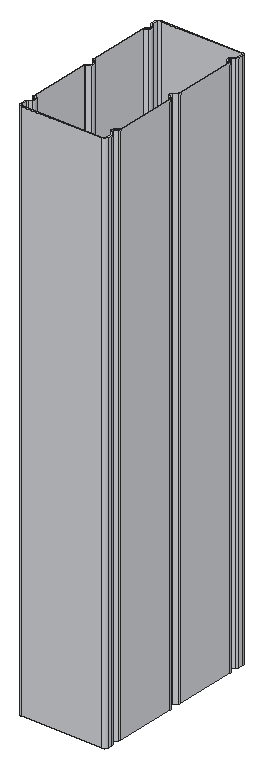
Revit family "SC_Tubest", category Structural Columns, Revit 2022
Family settings
  Section Shape = Not Defined
  Material for Model Behavior = Steel
  Always export as geometry = No
  Beam cutback in plan = From bounding box
  Cut with Voids When Loaded = No
  Symbolic Representation = From Project Settings
  Shared = No
  Show family pre-cut in plan views = Yes
Parameters (values of type "TubestGD (800x400x6x4")
  es = 4 mm
  eo = 6 mm
  Y = 670 mm
  Vis.SigmaEspecial = H < 300 mm  # no
  Vis.Sigma = not(Vis.SigmaEspecial)  # yes
  Structural Material [instance] = ASTM A36
  Rs = 8 mm
  Ro = 10 mm
  Offset_s = B / 2  # 200 mm
  Offset_o = H / 2  # 400 mm
  H = 800 mm
  Dse = 20 mm
  D_s = 25 mm
  D_o = 18 mm
  D2_s = 20 mm
  D2_o = 18 mm
  B = 400 mm
  Assembly Code = ""
  A = 89 mm
Types (264, lengths in mm): name | es | eo | Y | Vis.SigmaEspecial | Vis.Sigma | Offset_s | Offset_o | H | B
  TubestGD (800x400x6x4 | 4 | 6 | 670 | no | yes | 200 | 400 | 800 | 400
  TubestGD (800x400x6x3 | 3 | 6 | 670 | no | yes | 200 | 400 | 800 | 400
  TubestGD (800x400x5x3 | 3 | 5 | 670 | no | yes | 200 | 400 | 800 | 400
  TubestGD (800x400x4x3 | 3 | 4 | 670 | no | yes | 200 | 400 | 800 | 400
  TubestGD (800x400x3x3 | 3 | 3 | 670 | no | yes | 200 | 400 | 800 | 400
  TubestGD (800x350x6x4 | 4 | 6 | 670 | no | yes | 175 | 400 | 800 | 350
  TubestGD (800x350x6x3 | 3 | 6 | 670 | no | yes | 175 | 400 | 800 | 350
  TubestGD (800x350x5x3 | 3 | 5 | 670 | no | yes | 175 | 400 | 800 | 350
  TubestGD (800x350x4x3 | 3 | 4 | 670 | no | yes | 175 | 400 | 800 | 350
  TubestGD (800x350x3x3 | 3 | 3 | 670 | no | yes | 175 | 400 | 800 | 350
  TubestGD (800x300x6x4 | 4 | 6 | 670 | no | yes | 150 | 400 | 800 | 300
  TubestGD (800x300x6x3 | 3 | 6 | 670 | no | yes | 150 | 400 | 800 | 300
  TubestGD (800x300x5x3 | 3 | 5 | 670 | no | yes | 150 | 400 | 800 | 300
  TubestGD (800x300x4x3 | 3 | 4 | 670 | no | yes | 150 | 400 | 800 | 300
  TubestGD (800x300x3x3 | 3 | 3 | 670 | no | yes | 150 | 400 | 800 | 300
  TubestGD (800x250x6x4 | 4 | 6 | 670 | no | yes | 125 | 400 | 800 | 250
  TubestGD (800x250x6x3 | 3 | 6 | 670 | no | yes | 125 | 400 | 800 | 250
  TubestGD (800x250x5x3 | 3 | 5 | 670 | no | yes | 125 | 400 | 800 | 250
  TubestGD (800x250x4x3 | 3 | 4 | 670 | no | yes | 125 | 400 | 800 | 250
  TubestGD (800x250x3x3 | 3 | 3 | 670 | no | yes | 125 | 400 | 800 | 250
  TubestGD (800x225x6x4 | 4 | 6 | 670 | no | yes | 112.5 | 400 | 800 | 225
  TubestGD (800x225x6x3 | 3 | 6 | 670 | no | yes | 112.5 | 400 | 800 | 225
  TubestGD (800x225x5x3 | 3 | 5 | 670 | no | yes | 112.5 | 400 | 800 | 225
  TubestGD (800x225x4x3 | 3 | 4 | 670 | no | yes | 112.5 | 400 | 800 | 225
  TubestGD (800x225x3x3 | 3 | 3 | 670 | no | yes | 112.5 | 400 | 800 | 225
  TubestGD (800x200x6x4 | 4 | 6 | 670 | no | yes | 100 | 400 | 800 | 200
  TubestGD (800x200x6x3 | 3 | 6 | 670 | no | yes | 100 | 400 | 800 | 200
  TubestGD (800x200x5x3 | 3 | 5 | 670 | no | yes | 100 | 400 | 800 | 200
  TubestGD (800x200x4x3 | 3 | 4 | 670 | no | yes | 100 | 400 | 800 | 200
  TubestGD (800x200x3x3 | 3 | 3 | 670 | no | yes | 100 | 400 | 800 | 200
  TubestGD (800x150x6x4 | 4 | 6 | 670 | no | yes | 75 | 400 | 800 | 150
  TubestGD (800x150x6x3 | 3 | 6 | 670 | no | yes | 75 | 400 | 800 | 150
  TubestGD (800x150x5x3 | 3 | 5 | 670 | no | yes | 75 | 400 | 800 | 150
  TubestGD (800x150x4x3 | 3 | 4 | 670 | no | yes | 75 | 400 | 800 | 150
  TubestGD (800x150x3x3 | 3 | 3 | 670 | no | yes | 75 | 400 | 800 | 150
  TubestGD (750x400x6x4 | 4 | 6 | 620 | no | yes | 200 | 375 | 750 | 400
  TubestGD (750x400x6x3 | 3 | 6 | 620 | no | yes | 200 | 375 | 750 | 400
  TubestGD (750x400x5x3 | 3 | 5 | 620 | no | yes | 200 | 375 | 750 | 400
  TubestGD (750x400x4x3 | 3 | 4 | 620 | no | yes | 200 | 375 | 750 | 400
  TubestGD (750x400x3x3 | 3 | 3 | 620 | no | yes | 200 | 375 | 750 | 400
  TubestGD (750x350x6x4 | 4 | 6 | 620 | no | yes | 175 | 375 | 750 | 350
  TubestGD (750x350x6x3 | 3 | 6 | 620 | no | yes | 175 | 375 | 750 | 350
  TubestGD (750x350x5x3 | 3 | 5 | 620 | no | yes | 175 | 375 | 750 | 350
  TubestGD (750x350x4x3 | 3 | 4 | 620 | no | yes | 175 | 375 | 750 | 350
  TubestGD (750x350x3x3 | 3 | 3 | 620 | no | yes | 175 | 375 | 750 | 350
  TubestGD (750x300x6x4 | 4 | 6 | 620 | no | yes | 150 | 375 | 750 | 300
  TubestGD (750x300x6x3 | 3 | 6 | 620 | no | yes | 150 | 375 | 750 | 300
  TubestGD (750x300x5x3 | 3 | 5 | 620 | no | yes | 150 | 375 | 750 | 300
  TubestGD (750x300x4x3 | 3 | 4 | 620 | no | yes | 150 | 375 | 750 | 300
  TubestGD (750x300x3x3 | 3 | 3 | 620 | no | yes | 150 | 375 | 750 | 300
  TubestGD (750x250x6x4 | 4 | 6 | 620 | no | yes | 125 | 375 | 750 | 250
  TubestGD (750x250x6x3 | 3 | 6 | 620 | no | yes | 125 | 375 | 750 | 250
  TubestGD (750x250x5x3 | 3 | 5 | 620 | no | yes | 125 | 375 | 750 | 250
  TubestGD (750x250x4x3 | 3 | 4 | 620 | no | yes | 125 | 375 | 750 | 250
  TubestGD (750x250x3x3 | 3 | 3 | 620 | no | yes | 125 | 375 | 750 | 250
  TubestGD (750x225x6x4 | 4 | 6 | 620 | no | yes | 112.5 | 375 | 750 | 225
  TubestGD (750x225x6x3 | 3 | 6 | 620 | no | yes | 112.5 | 375 | 750 | 225
  TubestGD (750x225x5x3 | 3 | 5 | 620 | no | yes | 112.5 | 375 | 750 | 225
  TubestGD (750x225x4x3 | 3 | 4 | 620 | no | yes | 112.5 | 375 | 750 | 225
  TubestGD (750x225x3x3 | 3 | 3 | 620 | no | yes | 112.5 | 375 | 750 | 225
  TubestGD (750x200x6x4 | 4 | 6 | 620 | no | yes | 100 | 375 | 750 | 200
  TubestGD (750x200x6x3 | 3 | 6 | 620 | no | yes | 100 | 375 | 750 | 200
  TubestGD (750x200x5x3 | 3 | 5 | 620 | no | yes | 100 | 375 | 750 | 200
  TubestGD (750x200x4x3 | 3 | 4 | 620 | no | yes | 100 | 375 | 750 | 200
  TubestGD (750x200x3x3 | 3 | 3 | 620 | no | yes | 100 | 375 | 750 | 200
  TubestGD (750x150x6x4 | 4 | 6 | 620 | no | yes | 75 | 375 | 750 | 150
  TubestGD (750x150x6x3 | 3 | 6 | 620 | no | yes | 75 | 375 | 750 | 150
  TubestGD (750x150x5x3 | 3 | 5 | 620 | no | yes | 75 | 375 | 750 | 150
  TubestGD (750x150x4x3 | 3 | 4 | 620 | no | yes | 75 | 375 | 750 | 150
  TubestGD (750x150x3x3 | 3 | 3 | 620 | no | yes | 75 | 375 | 750 | 150
  TubestGD (700x400x6x4 | 4 | 6 | 570 | no | yes | 200 | 350 | 700 | 400
  TubestGD (700x400x6x3 | 3 | 6 | 570 | no | yes | 200 | 350 | 700 | 400
  TubestGD (700x400x5x3 | 3 | 5 | 570 | no | yes | 200 | 350 | 700 | 400
  TubestGD (700x400x4x3 | 3 | 4 | 570 | no | yes | 200 | 350 | 700 | 400
  TubestGD (700x400x3x3 | 3 | 3 | 570 | no | yes | 200 | 350 | 700 | 400
  TubestGD (700x350x6x4 | 4 | 6 | 570 | no | yes | 175 | 350 | 700 | 350
  TubestGD (700x350x6x3 | 3 | 6 | 570 | no | yes | 175 | 350 | 700 | 350
  TubestGD (700x350x5x3 | 3 | 5 | 570 | no | yes | 175 | 350 | 700 | 350
  TubestGD (700x350x4x3 | 3 | 4 | 570 | no | yes | 175 | 350 | 700 | 350
  TubestGD (700x350x3x3 | 3 | 3 | 570 | no | yes | 175 | 350 | 700 | 350
  TubestGD (700x300x6x4 | 4 | 6 | 570 | no | yes | 150 | 350 | 700 | 300
  TubestGD (700x300x6x3 | 3 | 6 | 570 | no | yes | 150 | 350 | 700 | 300
  TubestGD (700x300x5x3 | 3 | 5 | 570 | no | yes | 150 | 350 | 700 | 300
  TubestGD (700x300x4x3 | 3 | 4 | 570 | no | yes | 150 | 350 | 700 | 300
  TubestGD (700x300x3x3 | 3 | 3 | 570 | no | yes | 150 | 350 | 700 | 300
  TubestGD (700x250x6x4 | 4 | 6 | 570 | no | yes | 125 | 350 | 700 | 250
  TubestGD (700x250x6x3 | 3 | 6 | 570 | no | yes | 125 | 350 | 700 | 250
  TubestGD (700x250x5x3 | 3 | 5 | 570 | no | yes | 125 | 350 | 700 | 250
  TubestGD (700x250x4x3 | 3 | 4 | 570 | no | yes | 125 | 350 | 700 | 250
  TubestGD (700x250x3x3 | 3 | 3 | 570 | no | yes | 125 | 350 | 700 | 250
  TubestGD (700x225x6x4 | 4 | 6 | 570 | no | yes | 112.5 | 350 | 700 | 225
  TubestGD (700x225x6x3 | 3 | 6 | 570 | no | yes | 112.5 | 350 | 700 | 225
  TubestGD (700x225x5x3 | 3 | 5 | 570 | no | yes | 112.5 | 350 | 700 | 225
  TubestGD (700x225x4x3 | 3 | 4 | 570 | no | yes | 112.5 | 350 | 700 | 225
  TubestGD (700x225x3x3 | 3 | 3 | 570 | no | yes | 112.5 | 350 | 700 | 225
  TubestGD (700x200x6x4 | 4 | 6 | 570 | no | yes | 100 | 350 | 700 | 200
  TubestGD (700x200x6x3 | 3 | 6 | 570 | no | yes | 100 | 350 | 700 | 200
  TubestGD (700x200x5x3 | 3 | 5 | 570 | no | yes | 100 | 350 | 700 | 200
  TubestGD (700x200x4x3 | 3 | 4 | 570 | no | yes | 100 | 350 | 700 | 200
  TubestGD (700x200x3x3 | 3 | 3 | 570 | no | yes | 100 | 350 | 700 | 200
  TubestGD (700x150x6x4 | 4 | 6 | 570 | no | yes | 75 | 350 | 700 | 150
  TubestGD (700x150x6x3 | 3 | 6 | 570 | no | yes | 75 | 350 | 700 | 150
  TubestGD (700x150x5x3 | 3 | 5 | 570 | no | yes | 75 | 350 | 700 | 150
  TubestGD (700x150x4x3 | 3 | 4 | 570 | no | yes | 75 | 350 | 700 | 150
  TubestGD (700x150x3x3 | 3 | 3 | 570 | no | yes | 75 | 350 | 700 | 150
  TubestGD (650x400x6x4 | 4 | 6 | 520 | no | yes | 200 | 325 | 650 | 400
  TubestGD (650x400x6x3 | 3 | 6 | 520 | no | yes | 200 | 325 | 650 | 400
  TubestGD (650x400x5x3 | 3 | 5 | 520 | no | yes | 200 | 325 | 650 | 400
  TubestGD (650x400x4x3 | 3 | 4 | 520 | no | yes | 200 | 325 | 650 | 400
  TubestGD (650x400x3x3 | 3 | 3 | 520 | no | yes | 200 | 325 | 650 | 400
  TubestGD (650x350x6x4 | 4 | 6 | 520 | no | yes | 175 | 325 | 650 | 350
  TubestGD (650x350x6x3 | 3 | 6 | 520 | no | yes | 175 | 325 | 650 | 350
  TubestGD (650x350x5x3 | 3 | 5 | 520 | no | yes | 175 | 325 | 650 | 350
  TubestGD (650x350x4x3 | 3 | 4 | 520 | no | yes | 175 | 325 | 650 | 350
  TubestGD (650x350x3x3 | 3 | 3 | 520 | no | yes | 175 | 325 | 650 | 350
  TubestGD (650x300x6x4 | 4 | 6 | 520 | no | yes | 150 | 325 | 650 | 300
  TubestGD (650x300x6x3 | 3 | 6 | 520 | no | yes | 150 | 325 | 650 | 300
  TubestGD (650x300x5x3 | 3 | 5 | 520 | no | yes | 150 | 325 | 650 | 300
  TubestGD (650x300x4x3 | 3 | 4 | 520 | no | yes | 150 | 325 | 650 | 300
  TubestGD (650x300x3x3 | 3 | 3 | 520 | no | yes | 150 | 325 | 650 | 300
  TubestGD (650x250x6x4 | 4 | 6 | 520 | no | yes | 125 | 325 | 650 | 250
  TubestGD (650x250x6x3 | 3 | 6 | 520 | no | yes | 125 | 325 | 650 | 250
  TubestGD (650x250x5x3 | 3 | 5 | 520 | no | yes | 125 | 325 | 650 | 250
  TubestGD (650x250x4x3 | 3 | 4 | 520 | no | yes | 125 | 325 | 650 | 250
  TubestGD (650x250x3x3 | 3 | 3 | 520 | no | yes | 125 | 325 | 650 | 250
  TubestGD (650x225x6x4 | 4 | 6 | 520 | no | yes | 112.5 | 325 | 650 | 225
  TubestGD (650x225x6x3 | 3 | 6 | 520 | no | yes | 112.5 | 325 | 650 | 225
  TubestGD (650x225x5x3 | 3 | 5 | 520 | no | yes | 112.5 | 325 | 650 | 225
  TubestGD (650x225x4x3 | 3 | 4 | 520 | no | yes | 112.5 | 325 | 650 | 225
  TubestGD (650x225x3x3 | 3 | 3 | 520 | no | yes | 112.5 | 325 | 650 | 225
  TubestGD (650x200x6x4 | 4 | 6 | 520 | no | yes | 100 | 325 | 650 | 200
  TubestGD (650x200x6x3 | 3 | 6 | 520 | no | yes | 100 | 325 | 650 | 200
  TubestGD (650x200x5x3 | 3 | 5 | 520 | no | yes | 100 | 325 | 650 | 200
  TubestGD (650x200x4x3 | 3 | 4 | 520 | no | yes | 100 | 325 | 650 | 200
  TubestGD (650x200x3x3 | 3 | 3 | 520 | no | yes | 100 | 325 | 650 | 200
  TubestGD (650x150x6x4 | 4 | 6 | 520 | no | yes | 75 | 325 | 650 | 150
  TubestGD (650x150x6x3 | 3 | 6 | 520 | no | yes | 75 | 325 | 650 | 150
  TubestGD (650x150x5x3 | 3 | 5 | 520 | no | yes | 75 | 325 | 650 | 150
  TubestGD (650x150x4x3 | 3 | 4 | 520 | no | yes | 75 | 325 | 650 | 150
  TubestGD (650x150x3x3 | 3 | 3 | 520 | no | yes | 75 | 325 | 650 | 150
  TubestGD (600x400x6x4 | 4 | 6 | 470 | no | yes | 200 | 300 | 600 | 400
  TubestGD (600x400x6x3 | 3 | 6 | 470 | no | yes | 200 | 300 | 600 | 400
  TubestGD (600x400x5x3 | 3 | 5 | 470 | no | yes | 200 | 300 | 600 | 400
  TubestGD (600x400x4x3 | 3 | 4 | 470 | no | yes | 200 | 300 | 600 | 400
  TubestGD (600x400x3x3 | 3 | 3 | 470 | no | yes | 200 | 300 | 600 | 400
  TubestGD (600x350x6x4 | 4 | 6 | 470 | no | yes | 175 | 300 | 600 | 350
  TubestGD (600x350x6x3 | 3 | 6 | 470 | no | yes | 175 | 300 | 600 | 350
  TubestGD (600x350x5x3 | 3 | 5 | 470 | no | yes | 175 | 300 | 600 | 350
  TubestGD (600x350x4x3 | 3 | 4 | 470 | no | yes | 175 | 300 | 600 | 350
  TubestGD (600x350x3x3 | 3 | 3 | 470 | no | yes | 175 | 300 | 600 | 350
  TubestGD (600x300x6x4 | 4 | 6 | 470 | no | yes | 150 | 300 | 600 | 300
  TubestGD (600x300x6x3 | 3 | 6 | 470 | no | yes | 150 | 300 | 600 | 300
  TubestGD (600x300x5x3 | 3 | 5 | 470 | no | yes | 150 | 300 | 600 | 300
  TubestGD (600x300x4x3 | 3 | 4 | 470 | no | yes | 150 | 300 | 600 | 300
  TubestGD (600x300x3x3 | 3 | 3 | 470 | no | yes | 150 | 300 | 600 | 300
  TubestGD (600x250x6x4 | 4 | 6 | 470 | no | yes | 125 | 300 | 600 | 250
  TubestGD (600x250x6x3 | 3 | 6 | 470 | no | yes | 125 | 300 | 600 | 250
  TubestGD (600x250x5x3 | 3 | 5 | 470 | no | yes | 125 | 300 | 600 | 250
  TubestGD (600x250x4x3 | 3 | 4 | 470 | no | yes | 125 | 300 | 600 | 250
  TubestGD (600x250x3x3 | 3 | 3 | 470 | no | yes | 125 | 300 | 600 | 250
  TubestGD (600x225x6x4 | 4 | 6 | 470 | no | yes | 112.5 | 300 | 600 | 225
  TubestGD (600x225x6x3 | 3 | 6 | 470 | no | yes | 112.5 | 300 | 600 | 225
  TubestGD (600x225x5x3 | 3 | 5 | 470 | no | yes | 112.5 | 300 | 600 | 225
  TubestGD (600x225x4x3 | 3 | 4 | 470 | no | yes | 112.5 | 300 | 600 | 225
  TubestGD (600x225x3x3 | 3 | 3 | 470 | no | yes | 112.5 | 300 | 600 | 225
  TubestGD (600x200x6x4 | 4 | 6 | 470 | no | yes | 100 | 300 | 600 | 200
  TubestGD (600x200x6x3 | 3 | 6 | 470 | no | yes | 100 | 300 | 600 | 200
  TubestGD (600x200x5x3 | 3 | 5 | 470 | no | yes | 100 | 300 | 600 | 200
  TubestGD (600x200x4x3 | 3 | 4 | 470 | no | yes | 100 | 300 | 600 | 200
  TubestGD (600x200x3x3 | 3 | 3 | 470 | no | yes | 100 | 300 | 600 | 200
  TubestGD (600x150x6x4 | 4 | 6 | 470 | no | yes | 75 | 300 | 600 | 150
  TubestGD (600x150x6x3 | 3 | 6 | 470 | no | yes | 75 | 300 | 600 | 150
  TubestGD (600x150x5x3 | 3 | 5 | 470 | no | yes | 75 | 300 | 600 | 150
  TubestGD (600x150x4x3 | 3 | 4 | 470 | no | yes | 75 | 300 | 600 | 150
  TubestGD (600x150x3x3 | 3 | 3 | 470 | no | yes | 75 | 300 | 600 | 150
  TubestGD (550x400x6x4 | 4 | 6 | 420 | no | yes | 200 | 275 | 550 | 400
  TubestGD (550x400x6x3 | 3 | 6 | 420 | no | yes | 200 | 275 | 550 | 400
  TubestGD (550x400x5x3 | 3 | 5 | 420 | no | yes | 200 | 275 | 550 | 400
  TubestGD (550x400x4x3 | 3 | 4 | 420 | no | yes | 200 | 275 | 550 | 400
  TubestGD (550x400x3x3 | 3 | 3 | 420 | no | yes | 200 | 275 | 550 | 400
  TubestGD (550x350x6x4 | 4 | 6 | 420 | no | yes | 175 | 275 | 550 | 350
  TubestGD (550x350x6x3 | 3 | 6 | 420 | no | yes | 175 | 275 | 550 | 350
  TubestGD (550x350x5x3 | 3 | 5 | 420 | no | yes | 175 | 275 | 550 | 350
  TubestGD (550x350x4x3 | 3 | 4 | 420 | no | yes | 175 | 275 | 550 | 350
  TubestGD (550x350x3x3 | 3 | 3 | 420 | no | yes | 175 | 275 | 550 | 350
  TubestGD (550x300x6x4 | 4 | 6 | 420 | no | yes | 150 | 275 | 550 | 300
  TubestGD (550x300x6x3 | 3 | 6 | 420 | no | yes | 150 | 275 | 550 | 300
  TubestGD (550x300x5x3 | 3 | 5 | 420 | no | yes | 150 | 275 | 550 | 300
  TubestGD (550x300x4x3 | 3 | 4 | 420 | no | yes | 150 | 275 | 550 | 300
  TubestGD (550x300x3x3 | 3 | 3 | 420 | no | yes | 150 | 275 | 550 | 300
  TubestGD (550x250x6x4 | 4 | 6 | 420 | no | yes | 125 | 275 | 550 | 250
  TubestGD (550x250x6x3 | 3 | 6 | 420 | no | yes | 125 | 275 | 550 | 250
  TubestGD (550x250x5x3 | 3 | 5 | 420 | no | yes | 125 | 275 | 550 | 250
  TubestGD (550x250x4x3 | 3 | 4 | 420 | no | yes | 125 | 275 | 550 | 250
  TubestGD (550x250x3x3 | 3 | 3 | 420 | no | yes | 125 | 275 | 550 | 250
  TubestGD (550x225x6x4 | 4 | 6 | 420 | no | yes | 112.5 | 275 | 550 | 225
  TubestGD (550x225x6x3 | 3 | 6 | 420 | no | yes | 112.5 | 275 | 550 | 225
  TubestGD (550x225x5x3 | 3 | 5 | 420 | no | yes | 112.5 | 275 | 550 | 225
  TubestGD (550x225x4x3 | 3 | 4 | 420 | no | yes | 112.5 | 275 | 550 | 225
  TubestGD (550x225x3x3 | 3 | 3 | 420 | no | yes | 112.5 | 275 | 550 | 225
  TubestGD (550x200x6x4 | 4 | 6 | 420 | no | yes | 100 | 275 | 550 | 200
  TubestGD (550x200x6x3 | 3 | 6 | 420 | no | yes | 100 | 275 | 550 | 200
  TubestGD (550x200x5x3 | 3 | 5 | 420 | no | yes | 100 | 275 | 550 | 200
  TubestGD (550x200x4x3 | 3 | 4 | 420 | no | yes | 100 | 275 | 550 | 200
  TubestGD (550x200x3x3 | 3 | 3 | 420 | no | yes | 100 | 275 | 550 | 200
  TubestGD (550x150x6x4 | 4 | 6 | 420 | no | yes | 75 | 275 | 550 | 150
  TubestGD (550x150x6x3 | 3 | 6 | 420 | no | yes | 75 | 275 | 550 | 150
  TubestGD (550x150x5x3 | 3 | 5 | 420 | no | yes | 75 | 275 | 550 | 150
  TubestGD (550x150x4x3 | 3 | 4 | 420 | no | yes | 75 | 275 | 550 | 150
  TubestGD (550x150x3x3 | 3 | 3 | 420 | no | yes | 75 | 275 | 550 | 150
  Tubest (500x225x6x3 | 3 | 6 | 370 | no | yes | 112.5 | 250 | 500 | 225
  Tubest (500x225x5x3 | 3 | 5 | 370 | no | yes | 112.5 | 250 | 500 | 225
  Tubest (500x225x4x3 | 3 | 4 | 370 | no | yes | 112.5 | 250 | 500 | 225
  Tubest (500x200x6x3 | 3 | 6 | 370 | no | yes | 100 | 250 | 500 | 200
  Tubest (500x200x5x3 | 3 | 5 | 370 | no | yes | 100 | 250 | 500 | 200
  Tubest (500x200x4x3 | 3 | 4 | 370 | no | yes | 100 | 250 | 500 | 200
  Tubest (500x150x6x3 | 3 | 6 | 370 | no | yes | 75 | 250 | 500 | 150
  Tubest (500x150x5x3 | 3 | 5 | 370 | no | yes | 75 | 250 | 500 | 150
  Tubest (500x150x4x3 | 3 | 4 | 370 | no | yes | 75 | 250 | 500 | 150
  Tubest (450x225x6x3 | 3 | 6 | 320 | no | yes | 112.5 | 225 | 450 | 225
  Tubest (450x225x5x3 | 3 | 5 | 320 | no | yes | 112.5 | 225 | 450 | 225
  Tubest (450x225x4x3 | 3 | 4 | 320 | no | yes | 112.5 | 225 | 450 | 225
  Tubest (450x200x6x3 | 3 | 6 | 320 | no | yes | 100 | 225 | 450 | 200
  Tubest (450x200x5x3 | 3 | 5 | 320 | no | yes | 100 | 225 | 450 | 200
  Tubest (450x200x4x3 | 3 | 4 | 320 | no | yes | 100 | 225 | 450 | 200
  Tubest (450x150x6x3 | 3 | 6 | 320 | no | yes | 75 | 225 | 450 | 150
  Tubest (450x150x5x3 | 3 | 5 | 320 | no | yes | 75 | 225 | 450 | 150
  Tubest (450x150x4x3 | 3 | 4 | 320 | no | yes | 75 | 225 | 450 | 150
  Tubest (400x225x6x3 | 3 | 6 | 270 | no | yes | 112.5 | 200 | 400 | 225
  Tubest (400x225x5x3 | 3 | 5 | 270 | no | yes | 112.5 | 200 | 400 | 225
  Tubest (400x225x4x3 | 3 | 4 | 270 | no | yes | 112.5 | 200 | 400 | 225
  Tubest (400x200x6x3 | 3 | 6 | 270 | no | yes | 100 | 200 | 400 | 200
  Tubest (400x200x5x3 | 3 | 5 | 270 | no | yes | 100 | 200 | 400 | 200
  Tubest (400x200x4x3 | 3 | 4 | 270 | no | yes | 100 | 200 | 400 | 200
  Tubest (400x150x6x3 | 3 | 6 | 270 | no | yes | 75 | 200 | 400 | 150
  Tubest (400x150x5x3 | 3 | 5 | 270 | no | yes | 75 | 200 | 400 | 150
  Tubest (400x150x4x3 | 3 | 4 | 270 | no | yes | 75 | 200 | 400 | 150
  Tubest (350x225x6x3 | 3 | 6 | 220 | no | yes | 112.5 | 175 | 350 | 225
  Tubest (350x225x5x3 | 3 | 5 | 220 | no | yes | 112.5 | 175 | 350 | 225
  Tubest (350x225x4x3 | 3 | 4 | 220 | no | yes | 112.5 | 175 | 350 | 225
  Tubest (350x200x6x3 | 3 | 6 | 220 | no | yes | 100 | 175 | 350 | 200
  Tubest (350x200x5x3 | 3 | 5 | 220 | no | yes | 100 | 175 | 350 | 200
  Tubest (350x200x4x3 | 3 | 4 | 220 | no | yes | 100 | 175 | 350 | 200
  Tubest (350x150x6x3 | 3 | 6 | 220 | no | yes | 75 | 175 | 350 | 150
  Tubest (350x150x5x3 | 3 | 5 | 220 | no | yes | 75 | 175 | 350 | 150
  Tubest (350x150x4x3 | 3 | 4 | 220 | no | yes | 75 | 175 | 350 | 150
  Tubest (300x225x6x3 | 3 | 6 | 170 | no | yes | 112.5 | 150 | 300 | 225
  Tubest (300x225x5x3 | 3 | 5 | 170 | no | yes | 112.5 | 150 | 300 | 225
  Tubest (300x225x4x3 | 3 | 4 | 170 | no | yes | 112.5 | 150 | 300 | 225
  Tubest (300x200x6x3 | 3 | 6 | 170 | no | yes | 100 | 150 | 300 | 200
  Tubest (300x200x5x3 | 3 | 5 | 170 | no | yes | 100 | 150 | 300 | 200
  Tubest (300x200x4x3 | 3 | 4 | 170 | no | yes | 100 | 150 | 300 | 200
  Tubest (300x150x6x3 | 3 | 6 | 170 | no | yes | 75 | 150 | 300 | 150
  Tubest (300x150x5x3 | 3 | 5 | 170 | no | yes | 75 | 150 | 300 | 150
  Tubest (300x150x4x3 | 3 | 4 | 170 | no | yes | 75 | 150 | 300 | 150
  Tubest (250x225x6x3 | 3 | 6 | 120 | yes | no | 112.5 | 125 | 250 | 225
  Tubest (250x225x5x3 | 3 | 5 | 120 | yes | no | 112.5 | 125 | 250 | 225
  Tubest (250x225x4x3 | 3 | 4 | 120 | yes | no | 112.5 | 125 | 250 | 225
  Tubest (250x200x6x3 | 3 | 6 | 120 | yes | no | 100 | 125 | 250 | 200
  Tubest (250x200x5x3 | 3 | 5 | 120 | yes | no | 100 | 125 | 250 | 200
  Tubest (250x200x4x3 | 3 | 4 | 120 | yes | no | 100 | 125 | 250 | 200
  Tubest (250x150x6x3 | 3 | 6 | 120 | yes | no | 75 | 125 | 250 | 150
  Tubest (250x150x5x3 | 3 | 5 | 120 | yes | no | 75 | 125 | 250 | 150
  Tubest (250x150x4x3 | 3 | 4 | 120 | yes | no | 75 | 125 | 250 | 150
Reference planes
  plane 1: y = 0
  plane 2: z = 0
  plane 3: x = 0
Forms (mm)
  Sweep 1, solid, visible <- "Vis.Sigma"
    path origin (0, 0, 0) x (-1, 0, 0) y (0, 0, 1)
      loop
        line (0, 0) -> (0, 2500)
    profile "Sigma : Sigma" origin (0, 0, 1250) x (1, 0, 0) y (0, 1, 0)
      loop
        arc (196, 31.82) -> (195.391, 28.758) -> (193.657, 26.163) r 8
        line (193.657, 26.163) -> (175.979, 8.485)
        arc (175.979, 8.485) -> (172.464, 0) -> (175.979, -8.485) r 12
        line (175.979, -8.485) -> (193.657, -26.163)
        arc (193.657, -26.163) -> (195.391, -28.758) -> (196, -31.82) r 8
        line (196, -31.82) -> (196, -312.373)
        arc (196, -312.373) -> (195.391, -315.434) -> (193.657, -318.029) r 8
        line (193.657, -318.029) -> (179.515, -332.172) -> (182.343, -335) -> (196.485, -320.858)
        arc (196.485, -320.858) -> (199.087, -316.965) -> (200, -312.373) r 12
        line (200, -312.373) -> (200, -31.82)
        arc (200, -31.82) -> (199.087, -27.228) -> (196.485, -23.335) r 12
        line (196.485, -23.335) -> (178.808, -5.657)
        arc (178.808, -5.657) -> (176.464, 0) -> (178.808, 5.657) r 8
        line (178.808, 5.657) -> (196.485, 23.335)
        arc (196.485, 23.335) -> (199.087, 27.228) -> (200, 31.82) r 12
        line (200, 31.82) -> (200, 312.373)
        arc (200, 312.373) -> (199.087, 316.965) -> (196.485, 320.858) r 12
        line (196.485, 320.858) -> (182.343, 335) -> (179.515, 332.172) -> (193.657, 318.029)
        arc (193.657, 318.029) -> (195.391, 315.434) -> (196, 312.373) r 8
        line (196, 312.373) -> (196, 31.82)
  Sweep 2, solid, visible <- "Vis.Sigma"
    path origin (0, 0, 0) x (1, 0, 0) y (0, 0, -1)
      loop
        line (0, 0) -> (0, -2500)
    profile "Sigma : Sigma" origin (0, 0, 1250) x (1, 0, 0) y (0, 1, 0)
      loop
        line (-196, 31.82) -> (-196, 312.373)
        arc (-196, 312.373) -> (-195.391, 315.434) -> (-193.657, 318.029) r 8
        line (-193.657, 318.029) -> (-179.515, 332.172) -> (-182.343, 335) -> (-196.485, 320.858)
        arc (-196.485, 320.858) -> (-199.087, 316.965) -> (-200, 312.373) r 12
        line (-200, 312.373) -> (-200, 31.82)
        arc (-200, 31.82) -> (-199.087, 27.228) -> (-196.485, 23.335) r 12
        line (-196.485, 23.335) -> (-178.808, 5.657)
        arc (-178.808, 5.657) -> (-176.464, 0) -> (-178.808, -5.657) r 8
        line (-178.808, -5.657) -> (-196.485, -23.335)
        arc (-196.485, -23.335) -> (-199.087, -27.228) -> (-200, -31.82) r 12
        line (-200, -31.82) -> (-200, -312.373)
        arc (-200, -312.373) -> (-199.087, -316.965) -> (-196.485, -320.858) r 12
        line (-196.485, -320.858) -> (-182.343, -335) -> (-179.515, -332.172) -> (-193.657, -318.029)
        arc (-193.657, -318.029) -> (-195.391, -315.434) -> (-196, -312.373) r 8
        line (-196, -312.373) -> (-196, -31.82)
        arc (-196, -31.82) -> (-195.391, -28.758) -> (-193.657, -26.163) r 8
        line (-193.657, -26.163) -> (-175.979, -8.485)
        arc (-175.979, -8.485) -> (-172.464, 0) -> (-175.979, 8.485) r 12
        line (-175.979, 8.485) -> (-193.657, 26.163)
        arc (-193.657, 26.163) -> (-195.391, 28.758) -> (-196, 31.82) r 8
  Sweep 3, solid, visible <- "Vis.SigmaEspecial"
    path origin (0, 14.308, 0) x (1, 0, 0) y (0, 0, -1)
      loop
        line (0, 0) -> (0, -2500)
    profile "SigmaEspecial : SigmaEspecial" origin (0, 14.308, 1250) x (1, 0, 0) y (0, 1, 0)
      loop
        line (-196, 0) -> (-196, 38)
        arc (-196, 38) -> (-195.391, 41.061) -> (-193.657, 43.657) r 8
        line (-193.657, 43.657) -> (-179.515, 57.799) -> (-182.343, 60.627) -> (-196.485, 46.485)
        arc (-196.485, 46.485) -> (-199.087, 42.592) -> (-200, 38) r 12
        line (-200, 38) -> (-200, 0.338) -> (-200, -69.444)
        arc (-200, -69.444) -> (-199.087, -74.036) -> (-196.485, -77.929) r 12
        line (-196.485, -77.929) -> (-182.343, -92.071) -> (-179.515, -89.243) -> (-193.657, -75.101)
        arc (-193.657, -75.101) -> (-195.391, -72.505) -> (-196, -69.444) r 8
        line (-196, -69.444) -> (-196, 0)
  Sweep 4, solid, visible <- "Vis.SigmaEspecial"
    path origin (0, 14.308, 0) x (-1, 0, 0) y (0, 0, 1)
      loop
        line (0, 0) -> (0, 2500)
    profile "SigmaEspecial : SigmaEspecial" origin (0, 14.308, 1250) x (1, 0, 0) y (0, 1, 0)
      loop
        line (196, 0) -> (196, -69.444)
        arc (196, -69.444) -> (195.391, -72.505) -> (193.657, -75.101) r 8
        line (193.657, -75.101) -> (179.515, -89.243) -> (182.343, -92.071) -> (196.485, -77.929)
        arc (196.485, -77.929) -> (199.087, -74.036) -> (200, -69.444) r 12
        line (200, -69.444) -> (200, 0.338) -> (200, 38)
        arc (200, 38) -> (199.087, 42.592) -> (196.485, 46.485) r 12
        line (196.485, 46.485) -> (182.343, 60.627) -> (179.515, 57.799) -> (193.657, 43.657)
        arc (193.657, 43.657) -> (195.391, 41.061) -> (196, 38) r 8
        line (196, 38) -> (196, 0)
  Sweep 5, solid, visible <- "Vis.Sigma"
    path origin (0, 0, 0) x (0, -1, 0) y (0, 0, -1)
      loop
        line (0, 0) -> (0, -2500)
    profile "Ohm : Ohm" origin (0, 0, 1250) x (0, -1, 0) y (1, 0, 0)
      loop
        line (-394, -184) -> (-394, 0) -> (-394, 184)
        arc (-394, 184) -> (-391.071, 191.071) -> (-384, 194) r 10
        line (-384, 194) -> (-364.033, 194)
        arc (-364.033, 194) -> (-360.206, 193.239) -> (-356.962, 191.071) r 10
        line (-356.962, 191.071) -> (-344.234, 178.343)
        arc (-344.234, 178.343) -> (-332.92, 173.657) -> (-321.607, 178.343) r 16
        line (-321.607, 178.343) -> (-308.879, 191.071) -> (-313.121, 195.314) -> (-325.849, 182.586)
        arc (-325.849, 182.586) -> (-332.92, 179.657) -> (-339.991, 182.586) r 10
        line (-339.991, 182.586) -> (-352.719, 195.314)
        arc (-352.719, 195.314) -> (-357.91, 198.782) -> (-364.033, 200) r 16
        line (-364.033, 200) -> (-384, 200)
        arc (-384, 200) -> (-395.314, 195.314) -> (-400, 184) r 16
        line (-400, 184) -> (-400, 0) -> (-400, -184)
        arc (-400, -184) -> (-395.314, -195.314) -> (-384, -200) r 16
        line (-384, -200) -> (-364.033, -200)
        arc (-364.033, -200) -> (-357.91, -198.782) -> (-352.719, -195.314) r 16
        line (-352.719, -195.314) -> (-339.991, -182.586)
        arc (-339.991, -182.586) -> (-332.92, -179.657) -> (-325.849, -182.586) r 10
        line (-325.849, -182.586) -> (-313.121, -195.314) -> (-308.879, -191.071) -> (-321.607, -178.343)
        arc (-321.607, -178.343) -> (-332.92, -173.657) -> (-344.234, -178.343) r 16
        line (-344.234, -178.343) -> (-356.962, -191.071)
        arc (-356.962, -191.071) -> (-360.206, -193.239) -> (-364.033, -194) r 10
        line (-364.033, -194) -> (-384, -194)
        arc (-384, -194) -> (-391.071, -191.071) -> (-394, -184) r 10
  Sweep 6, solid, visible <- "Vis.Sigma"
    path origin (0, 0, 0) x (0, -1, 0) y (0, 0, -1)
      loop
        line (0, 0) -> (0, -2500)
    profile "Ohm : Ohm" origin (0, 0, 1250) x (0, -1, 0) y (1, 0, 0)
      loop
        line (394, 184) -> (394, 0) -> (394, -184)
        arc (394, -184) -> (391.071, -191.071) -> (384, -194) r 10
        line (384, -194) -> (364.033, -194)
        arc (364.033, -194) -> (360.206, -193.239) -> (356.962, -191.071) r 10
        line (356.962, -191.071) -> (344.234, -178.343)
        arc (344.234, -178.343) -> (332.92, -173.657) -> (321.607, -178.343) r 16
        line (321.607, -178.343) -> (308.879, -191.071) -> (313.121, -195.314) -> (325.849, -182.586)
        arc (325.849, -182.586) -> (332.92, -179.657) -> (339.991, -182.586) r 10
        line (339.991, -182.586) -> (352.719, -195.314)
        arc (352.719, -195.314) -> (357.91, -198.782) -> (364.033, -200) r 16
        line (364.033, -200) -> (384, -200)
        arc (384, -200) -> (395.314, -195.314) -> (400, -184) r 16
        line (400, -184) -> (400, 0) -> (400, 184)
        arc (400, 184) -> (395.314, 195.314) -> (384, 200) r 16
        line (384, 200) -> (364.033, 200)
        arc (364.033, 200) -> (357.91, 198.782) -> (352.719, 195.314) r 16
        line (352.719, 195.314) -> (339.991, 182.586)
        arc (339.991, 182.586) -> (332.92, 179.657) -> (325.849, 182.586) r 10
        line (325.849, 182.586) -> (313.121, 195.314) -> (308.879, 191.071) -> (321.607, 178.343)
        arc (321.607, 178.343) -> (332.92, 173.657) -> (344.234, 178.343) r 16
        line (344.234, 178.343) -> (356.962, 191.071)
        arc (356.962, 191.071) -> (360.206, 193.239) -> (364.033, 194) r 10
        line (364.033, 194) -> (384, 194)
        arc (384, 194) -> (391.071, 191.071) -> (394, 184) r 10
Dimensions and locks
  aligned and locked: level to plane 2
Automatic sketch dimensions
  Sweep 1 sketch curve to level = 0 mm  (x2)
  Sweep 1 sketch curve to plane 3 = 0 mm
  Sweep 2 sketch curve to level = 0 mm  (x2)
  Sweep 2 sketch curve to plane 3 = 0 mm
  Sweep 3 sketch curve to level = 0 mm  (x2)
  Sweep 3 sketch curve to plane 3 = 0 mm
  Sweep 4 sketch curve to level = 0 mm  (x2)
  Sweep 4 sketch curve to plane 3 = 0 mm
  Sweep 5 sketch curve to level = 0 mm  (x2)
  Sweep 5 sketch curve to plane 1 = 0 mm
  Sweep 6 sketch curve to level = 0 mm  (x2)
  Sweep 6 sketch curve to plane 1 = 0 mm
